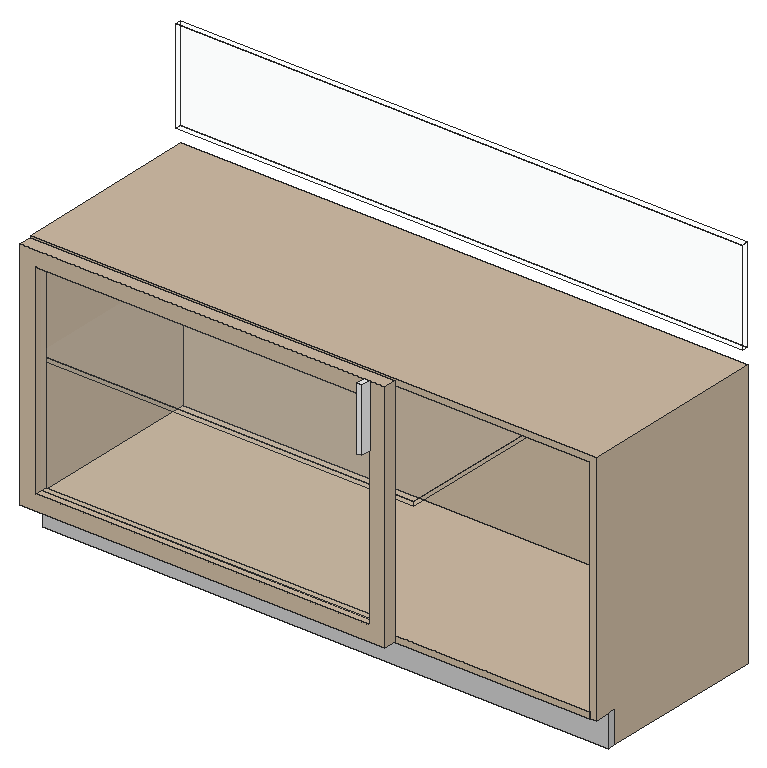
Revit family "Kitchen_Cabinet", category Casework, Revit 2021 (continued)
Forms (mm)
  Extrusion 24, solid, material "Revit Content - Wood" <- "Shell", visible <- "Wall Unit Bottom Base Visibility"
    sketch origin (-900, 0, 0) x (0, -1, 0) y (0, 0, 1)
      loop
        line (280, 100) -> (280, 60) -> (300, 60) -> (300, 100) -> (280, 100)
    from -1800 to 0
  Extrusion 25, solid, material "Revit Content - Wood" <- "Shell", visible <- "Wall Unit Left Side Bottom Profile Calc"
    sketch origin (0, 0, 100) x (-1, 0, 0) y (0, -1, 0)
      loop
        line (900, -300) -> (900, 280) -> (880, 280) -> (880, -300) -> (900, -300)
    from -40 to 0
  Extrusion 26, solid, material "Revit Content - Wood" <- "Shell", visible <- "Wall Unit Left Side Bottom Profile Calc"
    sketch origin (0, 0, 100) x (-1, 0, 0) y (0, -1, 0)
      loop
        line (900, -300) -> (900, 300) -> (880, 300) -> (880, -300) -> (900, -300)
    from -40 to 0
  Extrusion 27, solid, material "Revit Content - Wood" <- "Shell", visible <- "Wall Unit Right Side Bottom Profile Calc"
    sketch origin (0, 0, 100) x (-1, 0, 0) y (0, -1, 0)
      loop
        line (-880, -300) -> (-880, 300) -> (-900, 300) -> (-900, -300) -> (-880, -300)
    from -40 to 0
  Extrusion 28, solid, material "Revit Content - Legs" <- "Legs", visible <- "Leg Vis 1"
    sketch origin (1604.588, 12.564, -150) x (1, 0, 0) y (0, 1, 0)
      loop
        arc (-2355.588, 187.436) -> (-2390.236, 173.084) -> (-2404.588, 138.436) r 49
        line (-2404.588, 138.436) -> (-2404.588, 136.436)
        arc (-2404.588, 136.436) -> (-2390.236, 101.787) -> (-2355.588, 87.436) r 49
        line (-2355.588, 87.436) -> (-2353.588, 87.436)
        arc (-2353.588, 87.436) -> (-2318.939, 101.787) -> (-2304.588, 136.436) r 49
        line (-2304.588, 136.436) -> (-2304.588, 138.436)
        arc (-2304.588, 138.436) -> (-2318.939, 173.084) -> (-2353.588, 187.436) r 49
        line (-2353.588, 187.436) -> (-2355.588, 187.436)
    from 150 to 250
  Extrusion 29, solid, material "Revit Content - Legs" <- "Legs", visible <- "Leg Vis 2"
    sketch origin (2521.556, 15, -150) x (1, 0, 0) y (0, 1, 0)
      loop
        arc (-1772.556, 185) -> (-1807.204, 170.648) -> (-1821.556, 136) r 49
        line (-1821.556, 136) -> (-1821.556, 134)
        arc (-1821.556, 134) -> (-1807.204, 99.352) -> (-1772.556, 85) r 49
        line (-1772.556, 85) -> (-1770.556, 85)
        arc (-1770.556, 85) -> (-1735.908, 99.352) -> (-1721.556, 134) r 49
        line (-1721.556, 134) -> (-1721.556, 136)
        arc (-1721.556, 136) -> (-1735.908, 170.648) -> (-1770.556, 185) r 49
        line (-1770.556, 185) -> (-1772.556, 185)
    from 150 to 250
  Extrusion 30, solid, material "Revit Content - Legs" <- "Legs", visible <- "Leg Vis 3"
    sketch origin (1632.858, -298.84, -150) x (1, 0, 0) y (0, 1, 0)
      loop
        arc (-2383.858, 198.84) -> (-2418.507, 184.489) -> (-2432.858, 149.84) r 49
        line (-2432.858, 149.84) -> (-2432.858, 147.84)
        arc (-2432.858, 147.84) -> (-2418.507, 113.192) -> (-2383.858, 98.84) r 49
        line (-2383.858, 98.84) -> (-2381.858, 98.84)
        arc (-2381.858, 98.84) -> (-2347.21, 113.192) -> (-2332.858, 147.84) r 49
        line (-2332.858, 147.84) -> (-2332.858, 149.84)
        arc (-2332.858, 149.84) -> (-2347.21, 184.489) -> (-2381.858, 198.84) r 49
        line (-2381.858, 198.84) -> (-2383.858, 198.84)
    from 150 to 250
  Extrusion 31, solid, material "Revit Content - Legs" <- "Legs", visible <- "Leg Vis 4"
    sketch origin (2562.858, -358.84, -150) x (1, 0, 0) y (0, 1, 0)
      loop
        arc (-1813.858, 258.84) -> (-1848.507, 244.489) -> (-1862.858, 209.84) r 49
        line (-1862.858, 209.84) -> (-1862.858, 207.84)
        arc (-1862.858, 207.84) -> (-1848.507, 173.192) -> (-1813.858, 158.84) r 49
        line (-1813.858, 158.84) -> (-1811.858, 158.84)
        arc (-1811.858, 158.84) -> (-1777.21, 173.192) -> (-1762.858, 207.84) r 49
        line (-1762.858, 207.84) -> (-1762.858, 209.84)
        arc (-1762.858, 209.84) -> (-1777.21, 244.489) -> (-1811.858, 258.84) r 49
        line (-1811.858, 258.84) -> (-1813.858, 258.84)
    from 150 to 250
  Extrusion 32, solid, material "Revit Content - Wood" <- "Shell", visible <- "Fix Panel"
    sketch origin (2300, -480, 0) x (-1, 0, 0) y (0, 0, 1)
      loop
        line (2042, 850) -> (1400, 850) -> (1400, 100) -> (2042, 100) -> (2042, 850)
    from 140 to 180
  Sweep 33, solid, material "Revit Content - Wood." <- "Top", visible <- "Top Profile VisCalc"
    path origin (0, -310, 0) x (-1, 0, 0) y (0, 0, 1)
      loop
        line (900, 900) -> (-900, 900)
    profile origin (0, -310, 900) x (0, 0, 1) y (0, -1, 0)
      loop
        line (0, 0) -> (0, 12)
        arc (0, 12) -> (-2.343, 17.657) -> (-8, 20) r 8
        line (-8, 20) -> (-42, 20)
        arc (-42, 20) -> (-47.657, 17.657) -> (-50, 12) r 8
        line (-50, 12) -> (-50, 0) -> (0, 0)
  Extrusion 34, solid, material "Revit Content - Additional Drawers" <- "Additional Drawers", visible <- "Adiitional Drawers VisCalc"
    sketch origin (-452.5, -446, -764) x (-1, 0, 0) y (0, 0, 1)
      loop
        line (447.5, 1609) -> (-1352.5, 1609) -> (-1352.5, 864) -> (447.5, 864) -> (447.5, 1609)
    from 106 to 146
  Extrusion 35, solid, material "Revit Content - Wood" <- "Shell", visible <- "Shelve VisCalc"
    sketch origin (0, 0, 100) x (-1, 0, 0) y (0, -1, 0)
      loop
        line (880, -280) -> (880, 300) -> (-880, 300) -> (-880, -280) -> (880, -280)
    from 0 to 20
  Extrusion 36, solid, material "Revit Content - Additional Drawers" <- "Additional Drawers", visible <- "Adiitional Drawers VisCalc"
    sketch origin (-452.5, -446, -764) x (-1, 0, 0) y (0, 0, 1)
      loop
        line (447.5, 1609) -> (-1352.5, 1609) -> (-1352.5, 864) -> (447.5, 864) -> (447.5, 1609)
    from 106 to 146
  Extrusion 37, solid, material "Revit Content - Wood" <- "Shell", visible <- "Wall Unit Bottom Base Visibility"
    sketch origin (900, 0, 0) x (0, -1, 0) y (0, 0, -1)
      loop
        line (-300, -100) -> (280, -100) -> (280, -80) -> (-300, -80) -> (-300, -100)
    from -1800 to 0
  Extrusion 38, solid, material "Revit Content - Handle" <- "Handle", visible <- "Additonal Draw Handle VisCalc"
    sketch origin (150, -340, 690) x (-1, 0, 0) y (0, 0, -1)
      loop
        line (400, -145) -> (400, -130) -> (-100, -130) -> (-100, -145) -> (400, -145)
    from 0 to 20 <- "Draw Handle Thickness Calc"
  Extrusion 39, solid, material "Revit Content - Handle" <- "Handle", visible <- "Additonal Draw Handle VisCalc"
    sketch origin (150, -340, 690) x (-1, 0, 0) y (0, 0, -1)
      loop
        line (400, -145) -> (400, -130) -> (-100, -130) -> (-100, -145) -> (400, -145)
    from 0 to 20 <- "Draw Handle Thickness Calc"
  Extrusion 40, solid, material "Revit Content - Back Splash" <- "Back Splash", visible <- "BackSplash VisCalc"
    sketch origin (0, 0, 900) x (-1, 0, 0) y (0, -1, 0)
      loop
        line (900, -300) -> (900, -280) -> (-900, -280) -> (-900, -300) -> (900, -300)
    from 0 to 300 <- "Back Splash Height Calc"
Cuts and joins
  joined: Extrusion 11, Extrusion 12
  joined: Extrusion 1, Extrusion 3, Extrusion 21, Extrusion 22
  Extrusion 17 cuts Extrusion 9
  Extrusion 18 cuts Extrusion 8
  joined: Extrusion 24, Extrusion 37
Lines and regions (mm)
  reference lines
    curve 1: line (-900, -340, 100) -> (260, -340, 100)
    curve 2: line (900, -340, 100) -> (-260, -340, 100)
    curve 3: line (-900, -340, 100) -> (260, -340, 100)
    curve 4: line (-260, -340, 100) -> (900, -340, 100)
    curve 5: line (260, -900, 100) -> (260, -345, 100)
    curve 6: line (260, -345, 100) -> (315, -345, 100)
    curve 7: line (260, -900, 100) -> (315, -900, 100)
    curve 8: line (260, -345, 100) -> (260, -900, 100)
    curve 9: line (300, 250, 1400) -> (321.213, 228.787, 1400)
    curve 10: line (300, 250, 1400) -> (300, 250, 1501)
    curve 11: line (370.004, 179.996, 1600) -> (371.418, 178.582, 1600)
    curve 12: line (441.421, 108.579, 1501) -> (441.421, 108.579, 1481)
    curve 13: arc (300, 250, 1501) -> (320.504, 229.496, 1571.004) -> (370.004, 179.996, 1600) r 99
    curve 14: arc (371.418, 178.582, 1600) -> (420.918, 129.082, 1571.004) -> (441.421, 108.579, 1501) r 99
  reference lines, not visible
    curve 15: line (900, -330, 850) -> (900, 300, 850)
    curve 16: line (-900, -330, 850) -> (-900, 300, 850)
Text (mm)
  text "Content & More Limited" at (546.434, 795.864, 0), in view "Ref. Level"
Dimensions and locks
  "Thickness Sides": plane 6 "1" to plane 26 "1A"
  "Thickness Sides": plane 9 "Top Top" to plane 13 "Top Bottom"
  "Thickness Bottom Calc": plane 14 "Middle Top" to plane 8 "Middle Bottom"
  equal spacing: plane 14 "Middle Top", plane 17 "Middle C/L", plane 8 "Middle Bottom"
  equal spacing: plane 9 "Top Top", plane 18 "Top C/L", plane 13 "Top Bottom"
  "XXXLeft Divider Height Calc": Extrusion 4 sketch curve to Extrusion 4 sketch curve
  "A Left Divider Offset From Bottom": Extrusion 4 sketch curve to plane 14 "Middle Top"
  "XXXRight Divider Height Calc": Extrusion 5 sketch curve to Extrusion 5 sketch curve
  "A Right Divider Offset From Bottom": Extrusion 5 sketch curve to plane 14 "Middle Top"
  "Shelves Width Calc": Extrusion 6 sketch curve to Extrusion 6 sketch curve
  "Shelves Thickness": Extrusion 6 sketch curve to Extrusion 6 sketch curve
  "Shelves Width Calc": Extrusion 7 sketch curve to Extrusion 7 sketch curve
  "Shelves Thickness": Extrusion 7 sketch curve to Extrusion 7 sketch curve
  group 1 to group 2 = 0 mm  (x3)
  "Shelve Offset From Bottom": Extrusion 6 to plane 14 "Middle Top"
  "Shelve Offset From Bottom Shelves Calc": Extrusion 7 to Extrusion 6
  "Hinge Position Left Calc": plane 4 "4" to plane 21 "Hinge Left"
  "Hinge Position Right Calc": plane 22 "Hinge Right" to plane 5 "2"
  "Pannel Side Calc": curve 1 to curve 1
  equal spacing: plane 6 "1", plane 1 "Center (Front/Back)", plane 25 "Front CPD"
  "Depth": plane 6 "1" to plane 25 "Front CPD"
  "XXXDepth Shelves & Divider Depth Calc": plane 7 "FRONT SHELVES" to plane 12 "BACK SHELVES"
  "Shelves & Divider Offset From Back": plane 26 "1A" to plane 12 "BACK SHELVES"
  "Thickness Sides": Extrusion 10 sketch curve to Extrusion 10 sketch curve
  "Kickplate Depth Offset": Extrusion 10 sketch curve to plane 25 "Front CPD"
  curve 2 to curve 2 = 1160 mm
  "Sliding Door Offset Calc": plane 20 "Panel Hinge LEFT" to plane 27 "Panel Hinge RIGHT"
  "Hinge Position IO Calc": plane 27 "Panel Hinge RIGHT" to plane 1 "Center (Front/Back)"
  "Double Door Thickness Calc": plane 25 "Front CPD" to Extrusion 11 sketch curve
  "Double Door Thickness Calc": plane 25 "Front CPD" to Extrusion 12 sketch curve
  "Double Door Thickness Calc": plane 25 "Front CPD" to Extrusion 13 sketch curve
  "Door Thickness Calc": Extrusion 13 sketch curve to plane 25 "Front CPD"
  locked: Extrusion 13 sketch curve to Extrusion 11 at 1.766
  locked: Extrusion 13 sketch curve to Extrusion 13 sketch curve at 2
  "Sliding Door Profile Distance Calc": plane 28 to plane 22 "Hinge Right"
  "XXXBottom Base Thickness Calc": plane 30 "Bottom Top" to plane 29 "Bottom"
  equal spacing: plane 30 "Bottom Top", plane 31 "Bottom C/L", plane 29 "Bottom"
  equal spacing: plane 6 "1", plane 19 "Back CPD C/L", plane 26 "1A"
  "XXXHeight Calc": plane 9 "Top Top" to plane 2 "BOTTOM"
  "Draw Side Distance Calc": plane 5 "2" to plane 32 "Draw Side Origion"
  "XXXDrawers Height Bottom Position Calc": plane 33 "Draw Bottom Origion" to plane 29 "Bottom"
  "XXXDrawers Height Position Calc Top RETURN": plane 34 "Draw 2 Bottom" to plane 33 "Draw Bottom Origion"
  "Door Thickness Calc": Extrusion 8 sketch curve to curve 2
  "XXXMiddle Base Offset Calc": plane 8 "Middle Bottom" to plane 29 "Bottom"
  "XXXDoor Bottom Offset Calc": plane 24 "Door Bottom" to plane 8 "Middle Bottom"
  "XXXDoor Top Offset Calc": plane 9 "Top Top" to plane 23 "Door Top"
  "Door Handle Width": Extrusion 15 sketch curve to Extrusion 15 sketch curve
  "Door Handle Height": Extrusion 15 sketch curve to Extrusion 15 sketch curve
  "Door Handle Width": Extrusion 16 sketch curve to Extrusion 16 sketch curve
  "Door Handle Height": Extrusion 16 sketch curve to Extrusion 16 sketch curve
  "Void Height Calc": Extrusion 17 sketch curve to Extrusion 17 sketch curve
  "Panel Frame Thickness Bottom Calc": Extrusion 17 sketch curve to curve 3
  "Pannel Side Calc": curve 3 to curve 3
  "Door Thickness Calc": Extrusion 9 sketch curve to curve 1
  "Void On/Off Calc": curve 3 to curve 1
  "Pannel Side Calc": curve 4 to curve 4
  "Void On/Off Calc": curve 4 to curve 2
  "Void Height Calc": Extrusion 18 sketch curve to Extrusion 18 sketch curve
  "Panel Frame Thickness Middle": curve 4 to Extrusion 18 sketch curve
  "Panel Frame Thickness Hinge Side": Extrusion 18 sketch curve to curve 4
  "Panel Frame Thickness Bottom Calc": Extrusion 18 sketch curve to curve 4
  "Panel Glass Thickness Calc": Extrusion 20 sketch curve to Extrusion 20 sketch curve
  "Panel Glass Position": Extrusion 20 sketch curve to curve 2
  "Top Right Side Offset": plane 5 "2" to plane 39 "TOP RIGHT"
  "Top Left Side Offset": plane 38 "TOP LEFT" to plane 4 "4"
  "Top Back Offset": plane 40 "TOP BACK" to plane 6 "1"
  "Top Front Offset": plane 25 "Front CPD" to plane 41 "TOP FRONT"
  "Top Thickness Calc": plane 37 "UPPER TOP" to plane 9 "Top Top"
  "A Right Divider Distance": Extrusion 5 to plane 11 "2A"
  "Bottom Base Height Calc": plane 29 "Bottom" to plane 2 "BOTTOM"
  "Top Back Offset": Extrusion 23 sketch curve to plane 6 "1"
  "Cooker Calc": plane 42 "Cooker" to plane 144 "Sink Cooker Extractor Position"
  "Sink Calc": plane 43 "Sink" to plane 144 "Sink Cooker Extractor Position"
  "Wall Unit Bottom Front Thickness Calc": Extrusion 24 sketch curve to plane 25 "Front CPD"
  equal spacing: plane 45 "Sink Front", plane 49 "Sink C/L.F/B", plane 44 "Sink Back"
  "Sink Depth Calc": plane 45 "Sink Front" to plane 44 "Sink Back"
  "Sink Width Calc": plane 47 "Sink Left" to plane 46 "Sink Right"
  "Sink Position From Middle Calc": plane 3 "Center (Left/Right)" to plane 48 "Sink C/L L/R"
  "Sink Depth Position From Middle": plane 49 "Sink C/L.F/B" to plane 1 "Center (Front/Back)"
  "Sink Height Calc": plane 43 "Sink" to plane 50 "Sink Bottom"
  "XXXDoor Top Offset Calc": plane 9 "Top Top" to plane 52 "Oven Top"
  "XXXDoor Bottom Offset Calc": plane 51 "Oven Bottom" to plane 8 "Middle Bottom"
  equal spacing: plane 56 "Cooker Front", plane 57 "Cooker F/B C/L", plane 55 "Cooker Back"
  "Cooker Width Half Calc": plane 3 "Center (Left/Right)" to plane 54 "Cooker Right"
  "Cooker Depth Calc": plane 56 "Cooker Front" to plane 55 "Cooker Back"
  "Cooker Front & Back Offset": plane 57 "Cooker F/B C/L" to plane 1 "Center (Front/Back)"
  "Wall unit height calc": plane 2 "BOTTOM" to level
  "Cooker Burner Front & Back Offset Calc": plane 60 to plane 55 "Cooker Back"
  "Cooker Burner Front & Back Offset Calc": plane 56 "Cooker Front" to plane 62
  "Cooker Burner Offset From Plate": plane 58 "Cooker Burner Top" to plane 42 "Cooker"
  "Height": plane 64 "Symbol Lines Top" to plane 65 "Symbol Lines Bottom"
  "XXXDoor Top Offset Calc": plane 137 to plane 67 "Symbol Lines Top 1"
  "Bottom Base Height Calc": plane 138 to plane 65 "Symbol Lines Bottom"
  equal spacing: plane 67 "Symbol Lines Top 1", plane 66 "Symbol Line Center Top & Bottom", plane 68 "Symbol Lines Bottom 1"
  "Wall unit height calc": plane 65 "Symbol Lines Bottom" to level
  equal spacing: plane 69 "Symbol Lines Plan Back", plane 73 "Symbol Lines Plan front/back", plane 70 "Symbol Lines Plan Front"
  "Depth": plane 69 "Symbol Lines Plan Back" to plane 70 "Symbol Lines Plan Front"
  equal spacing: plane 77 "Corner Unit Back & Front", plane 80 "Corner Unit Front Middle", plane 78 "Corner Unit Front"
  equal spacing: plane 75 "Corner Unit Left & Right", plane 79 "Corner Unit Right Middle", plane 76 "Corner Unit Right"
  "Corner Unit Depth Calc": plane 75 "Corner Unit Left & Right" to plane 76 "Corner Unit Right"
  "Corner Unit Width Calc": plane 77 "Corner Unit Back & Front" to plane 78 "Corner Unit Front"
  equal spacing: plane 82 "Corner Unit Back", plane 83 "Corner Unit Back Middle", plane 77 "Corner Unit Back & Front"
  "Depth": plane 82 "Corner Unit Back" to plane 77 "Corner Unit Back & Front"
  "CUM 4000": plane 76 "Corner Unit Right" to plane 5 "2"
  locked: plane 6 "1" to plane 82 "Corner Unit Back" at 0
  "Thickness Sides": plane 84 "Corner Unit Front A" to plane 78 "Corner Unit Front"
  "Thickness Sides": plane 85 "Corner Unit Right A" to plane 76 "Corner Unit Right"
  "Thickness Sides": plane 86 "Corner Unit Left & Right Skirting" to plane 87 "Corner Unit Left & Right Skirting A"
  "Kickplate Depth Offset": plane 75 "Corner Unit Left & Right" to plane 86 "Corner Unit Left & Right Skirting"
  "Kickplate Depth Offset": plane 88 to plane 77 "Corner Unit Back & Front"
  plane 5 "2" to Extrusion 10 = 0 mm
  "Thickness Bottom Calc": plane 29 "Bottom" to plane 89 "Corner Unit Bottom"
  "Thickness Sides": plane 81 "Corner Unit Left" to plane 91 "Corner Unit Left A"
  "Hinge Position Left Calc": plane 92 "Corner Unit Hinge LR" to plane 78 "Corner Unit Front"
  "Corner Unit Door Width Calc": curve 5 to curve 5
  "Hinge Position IO Calc": plane 93 "Corner Unit Hinge IO" to plane 79 "Corner Unit Right Middle"
  "Corner Unit Door Width Calc": curve 8 to curve 8
  "Void On/Off Calc": curve 8 to curve 5
  "Width": plane 81 "Corner Unit Left" to plane 76 "Corner Unit Right"
  equal spacing: Extrusion 28 sketch curve, plane 94, Extrusion 28 sketch curve
  equal spacing: Extrusion 28 sketch curve, plane 95, Extrusion 28 sketch curve
  "Leg Width Calc": Extrusion 28 sketch curve to Extrusion 28 sketch curve
  "Leg Length Calc": Extrusion 28 sketch curve to Extrusion 28 sketch curve
  equal spacing: Extrusion 29 sketch curve, plane 96, Extrusion 29 sketch curve
  equal spacing: Extrusion 29 sketch curve, plane 97, Extrusion 29 sketch curve
  "Leg Width Calc": Extrusion 29 sketch curve to Extrusion 29 sketch curve
  "Leg Length Calc": Extrusion 29 sketch curve to Extrusion 29 sketch curve
  equal spacing: Extrusion 30 sketch curve, plane 98, Extrusion 30 sketch curve
  equal spacing: Extrusion 30 sketch curve, plane 99, Extrusion 30 sketch curve
  "Leg Width Calc": Extrusion 30 sketch curve to Extrusion 30 sketch curve
  "Leg Length Calc": Extrusion 30 sketch curve to Extrusion 30 sketch curve
  equal spacing: Extrusion 31 sketch curve, plane 100, Extrusion 31 sketch curve
  equal spacing: Extrusion 31 sketch curve, plane 101, Extrusion 31 sketch curve
  "Leg Width Calc": Extrusion 31 sketch curve to Extrusion 31 sketch curve
  "Leg Length Calc": Extrusion 31 sketch curve to Extrusion 31 sketch curve
  "Leg Position Front & Back": plane 6 "1" to plane 95
  "Leg Position Left & Right": plane 4 "4" to plane 94
  "Leg Position Front & Back": plane 6 "1" to plane 97
  "Leg Position Left & Right": plane 96 to plane 5 "2"
  "Leg Position Front & Back": plane 99 to plane 25 "Front CPD"
  "Leg Position Left & Right": plane 4 "4" to plane 98
  "Leg Position Left & Right": plane 100 to plane 5 "2"
  "Leg Position Front & Back": plane 101 to plane 25 "Front CPD"
  "XXXVoid Leg Vis Calc": plane 29 "Bottom" to plane 102 "Void"
  "Divider Thickness": Extrusion 4 sketch curve to Extrusion 4 sketch curve
  "Divider Thickness": Extrusion 5 sketch curve to Extrusion 5 sketch curve
  "Draw Handle Width": plane 104 "Draw Handle Right" to plane 103 "Draw Handle Left"
  "Sink 2 Depth Calc": plane 106 to plane 105
  "Sink 2 Width Calc": plane 108 "Sink 2 Left" to plane 107 "Sink 2 Right"
  "Sink 2 Height Calc": plane 109 "Sink 2" to plane 110 "Sink 2 Bottom"
  equal spacing: plane 106, plane 111 "Sink 2 C/L F/B", plane 105
  equal spacing: plane 108 "Sink 2 Left", plane 112 "Sink 2 C/L L/R", plane 107 "Sink 2 Right"
  "Sink 2 Depth Position From Middle": plane 111 "Sink 2 C/L F/B" to plane 49 "Sink C/L.F/B"
  "Sink 2 Position From Sink": plane 107 "Sink 2 Right" to plane 47 "Sink Left"
  "Sink Tap Position From Back": plane 6 "1" to plane 113 "Sink Tap Horizontal"
  "Sink Tap Position From Middle": plane 114 "Sink Tap Vertical" to plane 119 "Sink Middle"
  locked: curve 9 to curve 9 at 30
  "Sink Tap Height Calc": curve 11 to curve 9
  "Sink Tap Length Calc": curve 12 to curve 10
  "Sink Tap Length 2 Calc": curve 14 to curve 12
  "Extractor Hood Top Height Calc": plane 118 "Extractor Hood Top" to plane 116 "Extractor Hood Bottom Top"
  "Extractor Hood Middle Height Calc": plane 117 "Extractor Hood Middle Top" to plane 116 "Extractor Hood Bottom Top"
  "Extractor Hood Bottom Height Calc": plane 116 "Extractor Hood Bottom Top" to plane 115 "Extractor Hood Bottom"
  "Extractor Hood Height Position": plane 115 "Extractor Hood Bottom" to plane 144 "Sink Cooker Extractor Position"
  "Sink 2 Calc": plane 109 "Sink 2" to plane 144 "Sink Cooker Extractor Position"
  equal spacing: plane 47 "Sink Left", plane 119 "Sink Middle", plane 46 "Sink Right"
  "Sink Position From Middle": plane 3 "Center (Left/Right)" to plane 119 "Sink Middle"
  "Corner Unit Door Top Offset Calc": plane 9 "Top Top" to plane 120 "Corner Unit Door Top Offset"
  "Panel Frame Thickness Middle": Extrusion 17 sketch curve to curve 3
  "Panel Glass Thickness Calc": Extrusion 19 sketch curve to Extrusion 19 sketch curve
  "Panel Glass Position": curve 1 to Extrusion 19 sketch curve
  "Door Handle Offset From Side": Extrusion 15 sketch curve to curve 3
  "Door Thickness Calc": Extrusion 32 to Extrusion 32
  "Hinge Position Left Calc": plane 71 "Symbol Lines Plan Left" to plane 121 "Plan Left Symbol Line Hinge"
  "Hinge Position Right Calc": plane 122 "Plan Right Symbol Line Hinge" to plane 72 "Symbol Lines Plan Right"
  "Hinge Position IO Calc": plane 73 "Symbol Lines Plan front/back" to plane 123 "Szmbol Lines Hinge IO"
  "KickPlate Right Side Offset Calc": plane 5 "2" to Extrusion 10 sketch curve
  "KickPlate Left Side Offset Calc": Extrusion 10 sketch curve to plane 4 "4"
  "Fix Panel Geomtry Width Calc": plane 22 "Hinge Right" to Extrusion 32 sketch curve
  "Fix Panel Side Space Calc": Extrusion 32 sketch curve to plane 22 "Hinge Right"
  "Top Profile Extrusion Calc": Sweep 33 sketch curve to Sweep 33 sketch curve
  "Fix Panel Top & Bottom Offset Calc": Extrusion 32 sketch curve to plane 29 "Bottom"
  "Fix Panel Top & Bottom Offset Calc": plane 9 "Top Top" to Extrusion 32 sketch curve
  equal spacing: plane 104 "Draw Handle Right", plane 124 "Draw Handle Center", plane 103 "Draw Handle Left"
  "Fix Panel Offset Half Calc": plane 3 "Center (Left/Right)" to plane 124 "Draw Handle Center"
  locked: plane 63 "Symbol Lines" to plane 65 "Symbol Lines Bottom" at 0
  "Top Profile Offset Left": plane 148 "Left Top Profile" to Sweep 33 sketch curve
  "Top Profile Offset Right": plane 149 "Top Right Profile" to Sweep 33 sketch curve
  "ADDITIONAL DRAWERS MAINTAINANCE 400": plane 36 "Draw Front" to plane 125 "Additional Drawers Front"
  "XXXAdiitional Drawers Height Min Calc": Extrusion 34 sketch curve to Extrusion 34 sketch curve
  "Draw Thickness Calc": Extrusion 34 to Extrusion 34
  "XXXAdiitional Drawers Height Position Calc BOTTOM": plane 126 "Additional Drawers" to plane 29 "Bottom"
  "Draw Width Calc": Extrusion 34 sketch curve to Extrusion 34 sketch curve
  "XXXAdiitional Drawers Height Position Calc TOP": plane 127 "Additional Drawers Height Postion Calc" to plane 126 "Additional Drawers"
  "Thickness Sides HALF": plane 5 "2" to plane 16 "Right CPD C/L"
  "Thickness Sides HALF": plane 16 "Right CPD C/L" to plane 11 "2A"
  "Thickness Sides HALF": plane 15 "Left CPD C/L" to plane 10 "4 A"
  "Thickness Sides HALF": plane 4 "4" to plane 15 "Left CPD C/L"
  "Wall Unit Bottom Front Length Calc": plane 29 "Bottom" to plane 128 "Wall Unit Bottom Corner Heights"
  locked: plane 128 "Wall Unit Bottom Corner Heights" to plane 90 "Corner Unit Bottom A"
  "Width Half": plane 4 "4" to plane 3 "Center (Left/Right)"
  "Width Half": plane 3 "Center (Left/Right)" to plane 5 "2"
  "Pannel Side Calc": curve 2 to curve 2
  "XXXAdiitional Drawers Height Min Calc": Extrusion 36 sketch curve to Extrusion 36 sketch curve
  "Draw Thickness Calc": Extrusion 36 to Extrusion 36
  "Draw Width Calc": Extrusion 36 sketch curve to Extrusion 36 sketch curve
  group 3 to group 4 = 0 mm  (x3)
  "Oven VisCalc": plane 25 "Front CPD" to plane 35 "Oven Front"
  "Width Half": plane 71 "Symbol Lines Plan Left" to plane 74 "Symbol Lines Plan Left/Right"
  "Width Half": plane 74 "Symbol Lines Plan Left/Right" to plane 72 "Symbol Lines Plan Right"
  plane 74 "Symbol Lines Plan Left/Right" to plane 3 "Center (Left/Right)" = 0 mm
  locked: plane 132 "Symbol Lines Drawers & Sliding Vis Left" to plane 130 "Symbol Lines Drawers & Sliding Vis Center" at 225
  locked: plane 130 "Symbol Lines Drawers & Sliding Vis Center" to plane 131 "Symbol Lines Drawers & Sliding Vis Right" at 225
  "SLM 4000": plane 3 "Center (Left/Right)" to plane 74 "Symbol Lines Plan Left/Right"
  "Cooker Burner Side Offset Calc": plane 53 "Cooker Left" to plane 61 "Cooker Hob Radius Center Left"
  "Cooker Burner Side Offset Calc": plane 59 "Cooker Hob Radius Center Right" to plane 54 "Cooker Right"
  "Wall Unit Bottom Thickness Calc": Extrusion 37 sketch curve to Extrusion 37 sketch curve
  "Draw Handle Height Calc": Extrusion 38 sketch curve to Extrusion 38 sketch curve
  "Draw Handle Width": Extrusion 38 sketch curve to Extrusion 38 sketch curve
  "Draw Handle Height Calc": Extrusion 39 sketch curve to Extrusion 39 sketch curve
  "Draw Handle Width": Extrusion 39 sketch curve to Extrusion 39 sketch curve
  group 5 to group 6 = 0 mm  (x3)
  "XXXAdiitional Drawers Height Min Calc": plane 133 "Additional Draw Height 1st" to plane 126 "Additional Drawers"
  "XXXAdiitional Drawers Height Min Calc": plane 134 "Additional Draw Height 2nd" to plane 127 "Additional Drawers Height Postion Calc"
  "Additional Drawer Handle Height Position": plane 134 "Additional Draw Height 2nd" to Extrusion 39
  "Additional Drawer Handle Height Position": plane 133 "Additional Draw Height 1st" to Extrusion 38
  "XXXDrawers Height Min Calc RETURN": plane 135 "Draw Height 1st" to plane 33 "Draw Bottom Origion"
  "XXXDrawers Height Min Calc RETURN": plane 136 "Draw Height 2nd" to plane 34 "Draw 2 Bottom"
  "Top Thickness Calc": plane 64 "Symbol Lines Top" to plane 137
  "XXXMiddle Base Offset Calc": plane 68 "Symbol Lines Bottom 1" to plane 138
  "Draw Thickness Calc": plane 139 "Aditional Drawers Back Ref" to plane 125 "Additional Drawers Front"
  "XXXDraw Depth Position Calc": plane 1 "Center (Front/Back)" to plane 36 "Draw Front"
  "Back Splash Thickness Calc": Extrusion 40 sketch curve to Extrusion 40 sketch curve
  "Backsplash Right Offset Calc2": plane 39 "TOP RIGHT" to Extrusion 40 sketch curve
  "Backsplash Left Offset Calc": Extrusion 40 sketch curve to plane 38 "TOP LEFT"
  "Cooker Width Half Calc": plane 53 "Cooker Left" to plane 3 "Center (Left/Right)"
  "XXXDoor Bottom Offset Calc": plane 141 "Symbol Line Elevation Bottom Offset" to plane 68 "Symbol Lines Bottom 1"
  "Shelve Offset From Bottom": nested 3 to plane 14 "Middle Top"
  group 8 to group 7 = 0 mm  (x2)
  group 7 to group 8 = 0 mm
  "Shelve Offset From Bottom Shelves Calc": nested 4 to nested 3
  "Depth Top Calc": curve 16 to curve 16
  "Depth Top Calc": curve 15 to curve 15
  "Left Top Angle Offset Calc": plane 38 "TOP LEFT" to plane 142 "Left Top Angle Offset Calc"
  "Right Top Angle Offset Calc": plane 143 "Right Top Angle Offset Calc" to plane 39 "TOP RIGHT"
  "Right Back Right Offset": plane 5 "2" to Extrusion 1 sketch curve
  "Left Back Left Offset": Extrusion 1 sketch curve to plane 4 "4"
  "Sink Cooker Extract Drainer Position Calc": plane 144 "Sink Cooker Extractor Position" to plane 9 "Top Top"
  "Door Handle Offset From Side": Extrusion 16 sketch curve to curve 4
  locked: plane 140 "Corner Unit 45 Degree Top Front Offset" to plane 145 "Top  Front Offset Calc"
  "Top Front Offset": plane 146 "Top Front Offset Corner Unit" to plane 75 "Corner Unit Left & Right"
  "XXXTop Front Offset Calc": plane 146 "Top Front Offset Corner Unit" to plane 147 "Top Front Offset Calc Corner Unit"
  "XXXTop Front Offset Calc": plane 41 "TOP FRONT" to plane 145 "Top  Front Offset Calc"
  "Top Profile Left Offset Calc": plane 148 "Left Top Profile" to plane 142 "Left Top Angle Offset Calc"
  "Top Profile Right Offset Calc": plane 143 "Right Top Angle Offset Calc" to plane 149 "Top Right Profile"
  "Panel Frame Thickness Hinge Side": curve 3 to Extrusion 17 sketch curve
  "Door Handle Offset From Top": cut or joined group of Extrusion 9, Extrusion 17 to Extrusion 15 sketch curve
  "Door Handle Offset From Top": cut or joined group of Extrusion 8, Extrusion 18 to Extrusion 16 sketch curve
  "Leg Radius Calc": radius of Extrusion 28 sketch curve  (x4)
  "Leg Radius Calc": radius of Extrusion 29 sketch curve  (x4)
  "Leg Radius Calc": radius of Extrusion 30 sketch curve  (x4)
  "Leg Radius Calc": radius of Extrusion 31 sketch curve  (x4)
  "Sink Tap Radius Calc": radius of curve 13
  "Sink Tap Radius Calc": radius of curve 14
  "Top Profile Radius Bottom Calc": radius of Sweep 33 sketch curve  (x2)
  "Door Swing Right Calc": angle plane 27 "Panel Hinge RIGHT" to curve 2
  "Door Swing Right Calc": angle plane 93 "Corner Unit Hinge IO" to curve 5
  locked: curve 5 to curve 6 (angle 90.00°)
  locked: curve 7 to curve 5 (angle 90.00°)
  "Sink Tap Angle Position": angle curve 9 to plane 113 "Sink Tap Horizontal"
  "Door Swing Left Calc": angle curve 1 to plane 20 "Panel Hinge LEFT"
  "Right Top Angle Calc": angle curve 15 to plane 143 "Right Top Angle Offset Calc"
  "Left Top Angle Calc": angle plane 142 "Left Top Angle Offset Calc" to curve 16
  aligned and locked: Extrusion 1 sketch curve to plane 6 "1"
  aligned and locked: Extrusion 3 sketch curve to plane 4 "4"
  aligned and locked: Extrusion 3 sketch curve to plane 6 "1"
  aligned and locked: plane 5 "2" to Extrusion 3 sketch curve
  aligned and locked: plane 7 "FRONT SHELVES" to Extrusion 5
  aligned and locked: plane 12 "BACK SHELVES" to Extrusion 5
  aligned and locked: Extrusion 6 to plane 7 "FRONT SHELVES"
  aligned and locked: plane 10 "4 A" to Extrusion 6
  aligned and locked: plane 10 "4 A" to Extrusion 7
  aligned and locked: curve 1 to Extrusion 9 sketch curve
  aligned and locked: Extrusion 8 to plane 24 "Door Bottom"
  aligned and locked: Extrusion 9 to plane 24 "Door Bottom"
  aligned and locked: Extrusion 8 to plane 23 "Door Top"
  aligned and locked: Extrusion 9 to plane 23 "Door Top"
  aligned and locked: Extrusion 4 to plane 7 "FRONT SHELVES"
  aligned and locked: plane 12 "BACK SHELVES" to Extrusion 4
  aligned and locked: Extrusion 7 to plane 7 "FRONT SHELVES"
  aligned and locked: Extrusion 2 sketch curve to plane 10 "4 A"
  aligned and locked: Extrusion 2 sketch curve to plane 26 "1A"
  aligned and locked: Extrusion 2 sketch curve to plane 11 "2A"
  aligned and locked: Extrusion 11 sketch curve to plane 4 "4"
  aligned and locked: Extrusion 11 sketch curve to plane 5 "2"
  aligned and locked: Extrusion 11 sketch curve to plane 25 "Front CPD"
  aligned and locked: Extrusion 11 to plane 9 "Top Top"
  aligned and locked: Extrusion 12 sketch curve to plane 4 "4"
  aligned and locked: Extrusion 12 sketch curve to plane 5 "2"
  aligned and locked: Extrusion 12 sketch curve to plane 25 "Front CPD"
  aligned and locked: Extrusion 12 to plane 14 "Middle Top"
  aligned and locked: Extrusion 12 to plane 8 "Middle Bottom"
  aligned and locked: Extrusion 13 sketch curve to plane 5 "2"
  aligned and locked: Extrusion 13 sketch curve to plane 25 "Front CPD"
  aligned and locked: Extrusion 13 sketch curve to plane 11 "2A"
  aligned and locked: plane 13 "Top Bottom" to Extrusion 11
  aligned and locked: Extrusion 3 to plane 9 "Top Top"
  aligned and locked: Extrusion 2 to plane 8 "Middle Bottom"
  aligned and locked: Extrusion 2 to plane 14 "Middle Top"
  aligned and locked: Extrusion 14 sketch curve to plane 30 "Bottom Top"
  aligned and locked: Extrusion 14 sketch curve to plane 29 "Bottom"
  aligned and locked: Extrusion 14 sketch curve to plane 10 "4 A"
  aligned and locked: Extrusion 14 sketch curve to plane 11 "2A"
  aligned and locked: plane 26 "1A" to Extrusion 14
  aligned and locked: Extrusion 13 to plane 13 "Top Bottom"
  aligned and locked: plane 14 "Middle Top" to Extrusion 13
  aligned and locked: Extrusion 8 sketch curve to curve 2  (x3)
  aligned and locked: plane 2 "BOTTOM" to cut or joined group of Extrusion 1, Extrusion 3, Extrusion 21, Extrusion 22
  aligned and locked: Extrusion 21 sketch curve to plane 6 "1"
  aligned and locked: Extrusion 21 sketch curve to plane 2 "BOTTOM"
  aligned and locked: Extrusion 21 sketch curve to plane 25 "Front CPD"
  aligned and locked: Extrusion 21 sketch curve to plane 29 "Bottom"
  aligned and locked: Extrusion 22 sketch curve to plane 6 "1"
  aligned and locked: Extrusion 22 sketch curve to plane 2 "BOTTOM"
  aligned and locked: Extrusion 22 sketch curve to cut or joined group of Extrusion 1, Extrusion 3, Extrusion 21, Extrusion 22
  aligned and locked: Extrusion 22 sketch curve to plane 29 "Bottom"
  aligned and locked: Extrusion 22 sketch curve to plane 25 "Front CPD"
  aligned and locked: plane 5 "2" to Extrusion 22
  aligned and locked: Extrusion 21 sketch curve to plane 13 "Top Bottom"
  aligned and locked: Extrusion 22 sketch curve to plane 13 "Top Bottom"
  aligned and locked: Extrusion 14 to plane 25 "Front CPD"
  aligned and locked: Extrusion 1 to Extrusion 2
  aligned and locked: Extrusion 2 to plane 25 "Front CPD"
  aligned and locked: cut or joined group of Extrusion 1, Extrusion 3, Extrusion 21, Extrusion 22 to plane 25 "Front CPD"
  aligned and locked: plane 29 "Bottom" to Extrusion 10
  aligned and locked: Extrusion 10 to plane 2 "BOTTOM"
  aligned and locked: Extrusion 21 sketch curve to Extrusion 10
  aligned and locked: plane 70 "Symbol Lines Plan Front" to plane 25 "Front CPD"
  aligned and locked: Extrusion 25 sketch curve to plane 91 "Corner Unit Left A"
  aligned and locked: plane 81 "Corner Unit Left" to Extrusion 25 sketch curve
  aligned and locked: plane 82 "Corner Unit Back" to Extrusion 25 sketch curve
  aligned and locked: plane 10 "4 A" to Extrusion 26 sketch curve
  aligned and locked: Extrusion 26 sketch curve to plane 4 "4"
  aligned and locked: Extrusion 26 sketch curve to plane 6 "1"
  aligned and locked: Extrusion 27 sketch curve to plane 5 "2"
  aligned and locked: Extrusion 27 sketch curve to plane 11 "2A"
  aligned and locked: Extrusion 27 sketch curve to plane 6 "1"
  aligned and locked: curve 6 to curve 5
  aligned and locked: curve 7 to curve 6
  aligned and locked: Extrusion 28 to plane 29 "Bottom"
  aligned and locked: plane 2 "BOTTOM" to Extrusion 28
  aligned and locked: plane 2 "BOTTOM" to Extrusion 29
  aligned and locked: Extrusion 29 to plane 29 "Bottom"
  aligned and locked: plane 2 "BOTTOM" to Extrusion 30
  aligned and locked: Extrusion 30 to plane 29 "Bottom"
  aligned and locked: plane 2 "BOTTOM" to Extrusion 31
  aligned and locked: Extrusion 31 to plane 29 "Bottom"
  aligned and locked: plane 113 "Sink Tap Horizontal" to curve 9
  aligned and locked: plane 114 "Sink Tap Vertical" to curve 9
  aligned and locked: Extrusion 9 sketch curve to curve 1  (x2)
  aligned and locked: Extrusion 17 to Extrusion 19 sketch curve
  aligned and locked: Extrusion 18 to Extrusion 20 sketch curve  (x2)
  aligned and locked: Extrusion 19 to Extrusion 17
  aligned and locked: Extrusion 17 to Extrusion 19
  aligned and locked: Extrusion 18 to Extrusion 20  (x2)
  aligned and locked: Extrusion 32 to plane 27 "Panel Hinge RIGHT"
  aligned and locked: plane 93 "Corner Unit Hinge IO" to curve 5
  aligned and locked: curve 5 to plane 92 "Corner Unit Hinge LR"
  aligned and locked: Sweep 33 sketch curve to plane 37 "UPPER TOP"
  aligned and locked: plane 9 "Top Top" to Sweep 33 sketch curve
  aligned and locked: plane 126 "Additional Drawers" to Extrusion 34
  aligned and locked: plane 128 "Wall Unit Bottom Corner Heights" to Extrusion 26
  aligned and locked: plane 128 "Wall Unit Bottom Corner Heights" to Extrusion 24 sketch curve
  aligned and locked: plane 25 "Front CPD" to Extrusion 27 sketch curve
  aligned and locked: plane 25 "Front CPD" to Extrusion 26 sketch curve
  aligned and locked: plane 29 "Bottom" to Extrusion 25
  aligned and locked: plane 128 "Wall Unit Bottom Corner Heights" to Extrusion 25
  aligned and locked: Extrusion 35 sketch curve to plane 26 "1A"
  aligned and locked: plane 11 "2A" to Extrusion 35 sketch curve
  aligned and locked: Extrusion 35 sketch curve to plane 10 "4 A"
  aligned and locked: plane 25 "Front CPD" to Extrusion 35 sketch curve
  aligned and locked: Extrusion 35 to plane 29 "Bottom"
  aligned and locked: plane 30 "Bottom Top" to Extrusion 35
  aligned and locked: Extrusion 24 sketch curve to plane 29 "Bottom"
  aligned and locked: cut or joined group of Extrusion 1, Extrusion 3, Extrusion 21, Extrusion 22 to plane 10 "4 A"
  aligned and locked: Extrusion 24 sketch curve to plane 25 "Front CPD"
  aligned and locked: plane 20 "Panel Hinge LEFT" to curve 1
  aligned and locked: plane 21 "Hinge Left" to curve 1
  aligned and locked: plane 27 "Panel Hinge RIGHT" to curve 2
  aligned and locked: plane 22 "Hinge Right" to curve 2
  aligned and locked: plane 32 "Draw Side Origion" to Extrusion 34
  aligned and locked: plane 32 "Draw Side Origion" to Extrusion 36
  aligned and locked: Extrusion 36 to plane 127 "Additional Drawers Height Postion Calc"
  aligned and locked: plane 4 "4" to cut or joined group of Extrusion 24, Extrusion 37  (x2)
  aligned and locked: plane 5 "2" to cut or joined group of Extrusion 24, Extrusion 37  (x2)
  aligned and locked: Extrusion 37 sketch curve to plane 6 "1"
  aligned and locked: Extrusion 37 sketch curve to plane 29 "Bottom"
  aligned and locked: plane 104 "Draw Handle Right" to Extrusion 39
  aligned and locked: plane 104 "Draw Handle Right" to Extrusion 38
  aligned and locked: plane 4 "4" to cut or joined group of Extrusion 1, Extrusion 3, Extrusion 21, Extrusion 22
  aligned and locked: plane 139 "Aditional Drawers Back Ref" to Extrusion 34
  aligned and locked: plane 139 "Aditional Drawers Back Ref" to Extrusion 36
  aligned and locked: plane 125 "Additional Drawers Front" to Extrusion 38
  aligned and locked: plane 125 "Additional Drawers Front" to Extrusion 39
  aligned and locked: Extrusion 40 sketch curve to plane 40 "TOP BACK"
  aligned and locked: cut or joined group of Extrusion 1, Extrusion 3, Extrusion 21, Extrusion 22 to plane 13 "Top Bottom"
  aligned and locked: plane 123 "Szmbol Lines Hinge IO" to nested 1
  aligned and locked: nested 1 to plane 121 "Plan Left Symbol Line Hinge"
  aligned and locked: nested 2 to plane 122 "Plan Right Symbol Line Hinge"
  aligned and locked: nested 2 to plane 123 "Szmbol Lines Hinge IO"
  aligned and locked: nested 2 to plane 141 "Symbol Line Elevation Bottom Offset"
  aligned and locked: plane 141 "Symbol Line Elevation Bottom Offset" to nested 1
  aligned and locked: plane 3 "Center (Left/Right)" to nested 3
  aligned and locked: nested 3 to plane 25 "Front CPD"
  aligned and locked: plane 3 "Center (Left/Right)" to nested 4
  aligned and locked: nested 4 to plane 25 "Front CPD"
  aligned and locked: plane 41 "TOP FRONT" to curve 16
  aligned and locked: plane 41 "TOP FRONT" to curve 15
  aligned and locked: plane 142 "Left Top Angle Offset Calc" to curve 16
  aligned and locked: plane 143 "Right Top Angle Offset Calc" to curve 15
  aligned and locked: cut or joined group of Extrusion 1, Extrusion 3, Extrusion 21, Extrusion 22 to plane 9 "Top Top"
  aligned and locked: Extrusion 23 sketch curve to plane 145 "Top  Front Offset Calc"
  aligned and locked: profile plane to Sweep 33 sketch curve
  aligned and locked: curve 16 to Extrusion 23 sketch curve
  aligned and locked: Extrusion 23 sketch curve to curve 15
  aligned and locked: cut or joined group of Extrusion 9, Extrusion 17 to Extrusion 19 sketch curve
Automatic sketch dimensions
  curve 3 to curve 1 = 0 mm
  curve 4 to curve 2 = 0 mm
  curve 10 to curve 9 = 0 mm  (x2)
  plane 20 "Panel Hinge LEFT" to Extrusion 2 sketch curve = 40 mm
  plane 20 "Panel Hinge LEFT" to Extrusion 3 sketch curve = 40 mm
  plane 10 "4 A" to Extrusion 4 sketch curve = 0 mm
  Extrusion 5 sketch curve to plane 11 "2A" = 0 mm
  Extrusion 13 sketch curve to plane 11 "2A" = 0 mm
  Extrusion 1 sketch curve to plane 26 "1A" = 0 mm
  Sweep 33 sketch curve to plane 37 "UPPER TOP" = 0 mm
  Extrusion 25 sketch curve to plane 7 "FRONT SHELVES" = 20 mm
  plane 7 "FRONT SHELVES" to Extrusion 37 sketch curve = 20 mm
Nested families
  nested 1: "Handle" at (-900, -340, 100) x (-1, 0, 0) z (0, 0, 1), type "Left"
  nested 2: "Handle" at (900, -340, 100), type "Right"
  nested 3: "45 Degree Shelve" at (0, -300, 505), type "45 Degree Shelve"
  nested 4: "45 Degree Shelve" at (0, -300, 505), type "45 Degree Shelve"
Definition of nested family "Handle"
  Parameters
    x = no
    LOCK = 0 mm  # constant formula
    X POSITION OUT = 0 mm
    VisCalc Lock = if(and(Fix, not(Double)), Double, or(VisCalc = 4, VisCalc = 5, VisCalc = 8, VisCalc = 9, VisCalc = 10))  # no
    VisCalc Handle 2 = if(and(Fix, not(Double)), Double, or(VisCalc = 2, VisCalc = 3, VisCalc = 5, VisCalc = 8, VisCalc = 9))  # no
    VisCalc Handle 1 = if(and(Fix, not(Double)), Double, or(VisCalc = 1, VisCalc = 3, VisCalc = 5, VisCalc = 7, VisCalc = 9))  # yes
    VisCalc = 1
    Symbol Lines Plan 3D = yes
    Symbol Lines Plan 3D Sliding Door = no
    Symbol Lines Panel Width Calc = 800 mm
    Symbol Lines Maintainance = 0 mm  # constant formula
    Symbol Lines Elevation 3D Not Hinge Side = yes
    Symbol Lines Elevation 3D Hinge Side = yes
    Symbol Lines Elevation 3D Sliding Door = yes
    Symbol Lines Elevation 2D Sliding Door = yes
    Symbol Lines 2D Swing Pivot = no
    Symbol Lines Plan 2D Sliding Door = no
    Symbol Lines Plan 2D = no
    Symbol Lines Elevation 2D Not Hinge Side = no
    Symbol Lines Elevation 2D Hinge Side = no
    Symbol Line Plan Angle Min Calc = 90.00°
    Symbol Line Plan Angle = 45.00°
    Symbol Line Pivot Line = no
    Symbol Line Pivot Length = 10 mm
    Side Position = 75 mm
    Profile Width = 30 mm
    Profile Radius = 14 mm
    PANEL HEIGHT = 2200 mm
    PANEL BOTTOM OFFSET = 0 mm
    OUT = 20 mm
    Matirial 2 = none
    Lock Width = 50 mm
    Lock Radius = 24 mm
    Lock Position Sides = 50 mm
    Lock Position Height = 100 mm
    Lock Length = 50 mm
    Lock Depth = 10 mm
    Length = 300 mm
    Kick Plate Vis = if(and(Fix, not(Double)), Double, or(VisCalc = 6, VisCalc = 7, VisCalc = 8, VisCalc = 9, VisCalc = 10))  # no
    Kick Plate Thickness = 2 mm
    Kick Plate Middle Side Offset = 0 mm
    Kick Plate Matirail = none
    Kick Plate Hinge Side Offset = 0 mm
    Kick Plate Height Offset = 0 mm
    Kick Plate Height = 200 mm
    IN = 0 mm
    Height Position = 925 mm
    Handle Width 1 = 50 mm
    Handle Radius 1 = 24 mm
    Handle Position Side 1 = 50 mm
    Handle Length 1 = 50 mm
    Handle Depth 1 = 10 mm
    Handle Angle = 90.00°
    Fix = no
    Double = yes
    Door Width Half = Door Width / 2  # 400 mm
    Door Width = 800 mm
    Door Handle Position Height 1 = 900 mm
    Door Handle = none
    Depth 2 = 50 mm
    Depth 1 = 50 mm
    Default Elevation = 0 mm
    Assembly Code = ""
    Angle = 0.00°
  Reference planes
    plane 1 "Center (Front/Back)": y = 0
    plane 2: z = 0
    plane 3 "Center (Left/Right)": x = 0
    plane 4 "Height Positon": z = 925
    plane 5: x = 0
    plane 6 "Door Width": x = -800
    plane 7 "Door Top": z = 2200
    plane 8 "Door Center": z = 1100
    plane 9 "Door Bottom": z = 0
    plane 10: x = -100
    plane 11: x = -800
  Forms (mm)
    Sweep 1, solid, material <- "Door Handle", visible <- "VisCalc Handle 1"
      path in 3D
        loop
          line (-725, 20, 925) -> (-725, 70, 925) -> (-725, 70, 1225) -> (-725, 20, 1225)
      profile origin (-725, 45, 925) x (-1, 0, 0) y (0, 0, 1)
        loop
          arc (-1, 15) -> (-10.899, 10.899) -> (-15, 1) r 14
          line (-15, 1) -> (-15, -1)
          arc (-15, -1) -> (-10.899, -10.899) -> (-1, -15) r 14
          line (-1, -15) -> (1, -15)
          arc (1, -15) -> (10.899, -10.899) -> (15, -1) r 14
          line (15, -1) -> (15, 1)
          arc (15, 1) -> (10.899, 10.899) -> (1, 15) r 14
          line (1, 15) -> (-1, 15)
    Extrusion 2, solid, material <- "Door Handle", visible <- "VisCalc Lock"
      sketch origin (0, 20, 925) x (-1, 0, 0) y (0, 0, 1)
        loop
          arc (724, -35) -> (707.029, -42.029) -> (700, -59) r 24
          line (700, -59) -> (700, -61)
          arc (700, -61) -> (707.029, -77.971) -> (724, -85) r 24
          line (724, -85) -> (726, -85)
          arc (726, -85) -> (742.971, -77.971) -> (750, -61) r 24
          line (750, -61) -> (750, -59)
          arc (750, -59) -> (742.971, -42.029) -> (726, -35) r 24
          line (726, -35) -> (724, -35)
      from 0 to 10
    Extrusion 3, solid, material <- "Matirial 2", visible <- "VisCalc Handle 2"
      sketch origin (0, 20, 925) x (-1, 0, 0) y (0, 0, 1)
        loop
          arc (724, 25) -> (707.029, 17.971) -> (700, 1) r 24
          line (700, 1) -> (700, -1)
          arc (700, -1) -> (707.029, -17.971) -> (724, -25) r 24
          line (724, -25) -> (726, -25)
          arc (726, -25) -> (742.971, -17.971) -> (750, -1) r 24
          line (750, -1) -> (750, 1)
          arc (750, 1) -> (742.971, 17.971) -> (726, 25) r 24
          line (726, 25) -> (724, 25)
      from 0 to 10
    Extrusion 4, solid, material <- "Kick Plate Matirail", visible <- "Kick Plate Vis"
      sketch origin (0, 20, 0) x (-1, 0, 0) y (0, -1, 0)
        loop
          line (800, -2) -> (800, 0) -> (0, 0) -> (0, -2) -> (800, -2)
      from 0 to 200
  Lines and regions (mm)
    reference lines
      curve 1: line (0, 20, 925) -> (-800, 20, 925)
      curve 2: line (-725, 20, 925) -> (-725, 70, 925)
      curve 3: line (-725, 70, 925) -> (-725, 70, 1225)
      curve 4: line (-725, 70, 1225) -> (-725, 20, 1225)
      curve 8: line (0, 0, 925) -> (-800, 0, 925)
      curve 9: line (0, 0, 925) -> (-800, 0, 925)
      curve 10: line (0, 0, 925) -> (0, -580.44, 925)
      curve 11: line (0, 20, 0) -> (-800, 20, 0)
      curve 12: line (0, 20, 0) -> (-970, 20, 0)
      curve 13: line (0, 20, 0) -> (-800, 20, 0)
      curve 14: line (0, 20, 2200) -> (0, 20, 0)
      curve 15: line (-800, 20, 2200) -> (0, 20, 2200)
      curve 16: line (-800, 20, 0) -> (-800, 20, 2200)
      curve 17: line (0, 20, 1100) -> (-800, 20, 1100)
      curve 22: line (0, 0, 0) -> (-565.685, 565.685, 0)
      curve 29: line (-1062.056, 20, 0) -> (-957.056, 20, 0)
    sketch lines
      curve 5: line (-725, 20, 925) -> (-725, 70, 925)
      curve 6: line (-725, 70, 925) -> (-725, 70, 1225)
      curve 7: line (-725, 70, 1225) -> (-725, 20, 1225)
    model lines, visible <- "Symbol Lines Elevation 3D Not Hinge Side"
      curve 18: line (0, 20, 0) -> (-800, 20, 1100)
      curve 19: line (-800, 20, 1100) -> (0, 20, 2200)
    model lines, visible <- "Symbol Lines Elevation 3D Hinge Side"
      curve 20: line (-800, 20, 2200) -> (0, 20, 1100)
      curve 21: line (0, 20, 1100) -> (-800, 20, 0)
    model lines, visible <- "Symbol Lines Plan 3D"
      curve 23: line (0, 0, 0) -> (-565.685, 565.685, 0)
      curve 24: arc (-800, 0, 0) -> (-565.685, 565.685, 0) -> (0, 800, 0) r 800
    model lines, visible <- "Symbol Lines Elevation 3D Sliding Door"
      curve 25: line (-200, 20, 1100) -> (-600, 20, 1100)
      curve 26: line (-200, 20, 1100) -> (-270.711, 20, 1170.711)
    model lines, visible <- "Symbol Line Pivot Line"
      curve 27: line (0, 0, 0) -> (7.071, -7.071, 0)
      curve 28: arc (0, -10, 0) -> (7.071, -7.071, 0) -> (10, 0, 0) r 10
    symbolic lines, visible <- "Symbol Lines Plan 2D"
      curve 30: line (0, 0, 0) -> (-565.685, 565.685, 0)
      curve 33: arc (-800, 0, 0) -> (-565.685, 565.685, 0) -> (0, 800, 0) r 800
    symbolic lines, visible <- "Symbol Lines 2D Swing Pivot"
      curve 31: line (7.071, -7.071, 0) -> (0, 0, 0)
      curve 32: arc (0, -10, 0) -> (7.071, -7.071, 0) -> (10, 0, 0) r 10
    symbolic lines, visible <- "Symbol Lines Elevation 2D Hinge Side"
      curve 34: line (-800, 0, 2200) -> (0, 0, 1100)
      curve 35: line (0, 0, 1100) -> (-800, 0, 0)
    symbolic lines, visible <- "Symbol Lines Elevation 2D Not Hinge Side"
      curve 36: line (0, 0, 2200) -> (-800, 0, 1100)
      curve 37: line (-800, 0, 1100) -> (0, 0, 0)
    symbolic lines, visible <- "Symbol Lines Elevation 2D Sliding Door"
      curve 38: line (-200, 0, 1100) -> (-600, 0, 1100)
      curve 39: line (-200, 0, 1100) -> (-270.711, 0, 1170.711)
    model lines, visible <- "Symbol Lines Plan 3D Sliding Door"
      curve 40: line (-800, 200, 0) -> (-100, 200, 0)
      curve 41: line (-100, 200, 0) -> (-170.711, 270.711, 0)
    symbolic lines, visible <- "Symbol Lines Plan 2D Sliding Door"
      curve 42: line (-800, 200, 0) -> (-100, 200, 0)
      curve 43: line (-170.711, 270.711, 0) -> (-100, 200, 0)
  Dimensions and locks
    "Height Position": plane 4 "Height Positon" to plane 9 "Door Bottom"
    "Door Width": curve 1 to curve 1
    "Side Position": curve 1 to curve 2
    "Depth 1": curve 2 to curve 2
    "Depth 2": curve 4 to curve 4
    equal spacing: Sweep 1 sketch curve, profile plane, Sweep 1 sketch curve  (x2)
    "Profile Width": Sweep 1 sketch curve to Sweep 1 sketch curve  (x2)
    "Length": curve 3 to curve 3
    "Lock Width": Extrusion 2 sketch curve to Extrusion 2 sketch curve
    "Lock Length": Extrusion 2 sketch curve to Extrusion 2 sketch curve
    "Lock Position Sides": Extrusion 2 sketch curve to curve 1
    "Lock Depth": Extrusion 2 to Extrusion 2
    "Side Position": curve 3 to curve 1
    "Handle Length 1": Extrusion 3 sketch curve to Extrusion 3 sketch curve
    "Handle Width 1": Extrusion 3 sketch curve to Extrusion 3 sketch curve
    "Handle Position Side 1": Extrusion 3 sketch curve to curve 1
    "Door Handle Position Height 1": Extrusion 3 sketch curve to level
    "Handle Depth 1": Extrusion 3 to Extrusion 3
    "Door Width": curve 8 to curve 8
    "Door Width": curve 9 to curve 9
    "OUT": curve 1 to curve 9
    "IN": curve 8 to curve 9
    "Kick Plate Thickness": Extrusion 4 sketch curve to Extrusion 4 sketch curve
    "Kick Plate Middle Side Offset": curve 1 to Extrusion 4 sketch curve
    "Kick Plate Hinge Side Offset": Extrusion 4 sketch curve to curve 1
    "Kick Plate Height": Extrusion 4 to Extrusion 4
    "X POSITION OUT": curve 8 to curve 10
    "PANEL HEIGHT": curve 13 to curve 15
    "LOCK": curve 12 to curve 13
    "Door Width": curve 14 to curve 16
    equal spacing: curve 13, curve 17, curve 15
    "Symbol Lines Maintainance": curve 11 to curve 14
    "Door Width": curve 11 to curve 11
    "Symbol Lines Maintainance": plane 3 "Center (Left/Right)" to plane 5
    "Door Width": curve 22 to curve 22
    "Symbol Lines Panel Width Calc": curve 23 to curve 23
    "Door Width Half": curve 25 to curve 25
    curve 14 to curve 25 = 200 mm
    locked: curve 14 to curve 26 at 200
    "Symbol Line Pivot Length": curve 27 to curve 27
    locked: curve 29 to curve 12 at 0
    "Symbol Lines Panel Width Calc": curve 30 to curve 30
    "Symbol Line Pivot Length": curve 31 to curve 31
    "Door Width": plane 3 "Center (Left/Right)" to plane 6 "Door Width"
    equal spacing: plane 9 "Door Bottom", plane 8 "Door Center", plane 7 "Door Top"
    "PANEL HEIGHT": plane 9 "Door Bottom" to plane 7 "Door Top"
    plane 9 "Door Bottom" to plane 2 = 0 mm
    "Door Width Half": curve 38 to curve 38
    locked: plane 3 "Center (Left/Right)" to curve 38 at 200
    locked: plane 8 "Door Center" to curve 39 at 70.711
    locked: curve 39 to curve 38 at 70.711
    "LOCK": curve 11 to plane 9 "Door Bottom"
    locked: plane 10 to plane 3 "Center (Left/Right)" at 100
    locked: plane 11 to plane 6 "Door Width"
    "PANEL BOTTOM OFFSET": plane 9 "Door Bottom" to level
    "Profile Radius": radius of Sweep 1 sketch curve  (x4)
    "Lock Radius": radius of Extrusion 2 sketch curve  (x4)
    "Handle Radius 1": radius of Extrusion 3 sketch curve  (x4)
    "Symbol Lines Panel Width Calc": radius of curve 24
    "Symbol Line Pivot Length": radius of curve 28
    "Symbol Line Pivot Length": radius of curve 32
    "Symbol Lines Panel Width Calc": radius of curve 33
    "Handle Angle": angle curve 3 to curve 1
    "Angle": angle curve 8 to plane 1 "Center (Front/Back)"
    "Symbol Line Plan Angle": angle curve 22 to plane 1 "Center (Front/Back)"
    "Symbol Line Plan Angle Min Calc": angle curve 24 to curve 24
    angle curve 26 to curve 25 = 135.00°
    "Symbol Line Plan Angle Min Calc": angle curve 28 to curve 28
    "Symbol Line Plan Angle Min Calc": angle curve 32 to curve 32
    "Symbol Line Plan Angle Min Calc": angle curve 33 to curve 33
    locked: curve 41 to curve 40 (angle 45.00°)
    aligned and locked: curve 1 to curve 2
    aligned and locked: curve 2 to curve 3
    aligned and locked: curve 3 to curve 4
    aligned and locked: curve 4 to curve 3
    aligned and locked: plane 3 "Center (Left/Right)" to curve 8
    aligned and locked: plane 1 "Center (Front/Back)" to curve 8
    aligned and locked: curve 1 to curve 10
    aligned and locked: curve 1 to Extrusion 4
    aligned and locked: curve 12 to curve 11
    aligned and locked: plane 1 "Center (Front/Back)" to curve 28  (x2)
    aligned and locked: plane 5 to curve 28
    aligned and locked: curve 16 to curve 20
    aligned and locked: curve 20 to curve 15
    aligned and locked: curve 19 to curve 14
    aligned and locked: curve 15 to curve 19
    aligned and locked: curve 13 to curve 21
    aligned and locked: curve 21 to curve 16
    aligned and locked: curve 30 to curve 22
    aligned and locked: curve 31 to curve 22
    aligned and locked: plane 1 "Center (Front/Back)" to curve 31
    aligned and locked: plane 1 "Center (Front/Back)" to curve 32  (x2)
    aligned and locked: plane 5 to curve 32
    aligned and locked: curve 35 to plane 9 "Door Bottom"
    aligned and locked: plane 6 "Door Width" to curve 35
    aligned and locked: plane 8 "Door Center" to curve 35
    aligned and locked: plane 3 "Center (Left/Right)" to curve 34
    aligned and locked: plane 6 "Door Width" to curve 34
    aligned and locked: plane 7 "Door Top" to curve 34
    aligned and locked: plane 3 "Center (Left/Right)" to curve 36
    aligned and locked: plane 7 "Door Top" to curve 36
    aligned and locked: plane 6 "Door Width" to curve 36
    aligned and locked: plane 8 "Door Center" to curve 37
    aligned and locked: plane 3 "Center (Left/Right)" to curve 37
    aligned and locked: plane 9 "Door Bottom" to curve 37
    aligned and locked: plane 8 "Door Center" to curve 39
    aligned and locked: curve 20 to curve 17
    aligned and locked: curve 14 to curve 14
    aligned and locked: curve 16 to curve 17
    aligned and locked: curve 17 to curve 19
    aligned and locked: curve 16 to curve 19
    aligned and locked: curve 14 to curve 18
    aligned and locked: curve 18 to curve 13
    aligned and locked: curve 17 to curve 25
    aligned and locked: plane 10 to curve 43
    aligned and locked: plane 11 to curve 42
    aligned and locked: plane 11 to curve 40
  Automatic sketch dimensions
    curve 1 to Extrusion 2 sketch curve = 85 mm
    curve 8 to curve 10 = 580.44 mm
    curve 12 to curve 11 = 0 mm
    curve 11 to curve 12 = 170 mm
    curve 11 to curve 1 = 0 mm
    curve 29 to curve 12 = 12.944 mm
    curve 12 to curve 29 = 92.056 mm
    curve 25 to curve 20 = 200 mm
    curve 22 to plane 1 "Center (Front/Back)" = 0 mm
    curve 22 to plane 3 "Center (Left/Right)" = 0 mm
    Extrusion 4 sketch curve to curve 12 = 2 mm
    curve 24 to curve 33 = 0 mm  (x2)
    curve 24 to plane 1 "Center (Front/Back)" = 0 mm
    curve 24 to plane 6 "Door Width" = 0 mm
    curve 41 to curve 43 = 0 mm
    curve 42 to plane 1 "Center (Front/Back)" = 200 mm
    curve 43 to curve 41 = 0 mm
Definition of nested family "45 Degree Shelve"
  Parameters
    Width = 0 mm
    Shelve Width = 1000 mm
    Shelve Vis = yes
    Shelve Thickness = 100 mm
    Shelve Depth = 1000 mm
    Shelve = none
    Divider Thickness = 20 mm
    Divider Height = 800 mm
    Divider Bottom Offset = 200 mm
    Divider Depth = 600 mm
    Divider Vis = yes
    Divider = none
    Default Elevation = 0 mm
    45 Degree Shelve Width = 600 mm
    45 Degree Shelve Vis = yes
    45 Degree Shelve Thickness = 100 mm
    45 Degree Shelve Matirial = none
    Height = 0 mm
    45 Degree Shelve Front Offset = 10 mm
    Depth = 0 mm
    45 Degree Shelve Depth = 600 mm
  Reference planes
    plane 1 "Center (Front/Back)": y = 0
    plane 2: z = 0
    plane 3 "Center (Left/Right)": x = 0
    plane 4: z = 200
  Forms (mm)
    Extrusion 1, solid, material <- "45 Degree Shelve Matirial", visible <- "45 Degree Shelve Vis"
      sketch origin (0, 0, 0) x (1, 0, 0) y (0, 1, 0)
        loop
          line (300, 0) -> (724.264, 424.264) -> (0, 1148.528) -> (-724.264, 424.264) -> (-300, 0) -> (300, 0)
      from 0 to 100 <- "45 Degree Shelve Thickness"
    Extrusion 2, void
      sketch origin (0, 0, 0) x (1, 0, 0) y (0, 1, 0)
        loop
          line (-310, 10) -> (-290, -10) -> (290, -10) -> (310, 10) -> (-310, 10)
      from 0 to 100
    Extrusion 3, solid, material <- "Divider", visible <- "Divider Vis"
      sketch origin (-192.603, -1524, 200) x (-1, 0, 0) y (0, -1, 0)
        loop
          line (-172.603, -2124) -> (-172.603, -1524) -> (-192.603, -1524) -> (-192.603, -2124) -> (-172.603, -2124)
      from 0 to 800
    Extrusion 4, solid, material <- "Shelve", visible <- "Shelve Vis"
      sketch origin (0, 0, 0) x (1, 0, 0) y (0, 1, 0)
        loop
          line (-1000, 1000) -> (-1000, 0) -> (0, 0) -> (0, 1000) -> (-1000, 1000)
      from 0 to 100
